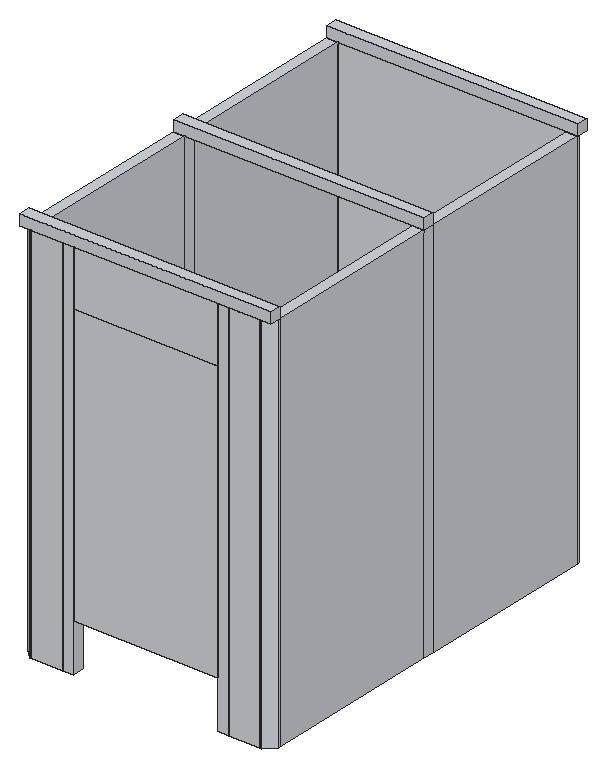
Revit family "MLDR", category Specialty Equipment, Revit 2016
Family settings
  Part Type = Normal
  Round Connector Dimension = Use Diameter
  Work Plane-Based = No
  Always vertical = Yes
  Cut with Voids When Loaded = No
  Shared = No
  Room Calculation Point = No
Parameters
  Tall Version 108 [instance] = no
  Short Version 96 [instance] = not(Tall Version 108)  # yes
  Flip Door Swing [instance] = no
Reference planes (in)
  plane 1 "Center (Front/Back)": y = 0
  plane 2: z = 0
  plane 3 "Center (Left/Right)": x = 0
  plane 4: y = 48
  plane 5: z = 96
  plane 6: x = -60
  plane 7: y = 96
Dimensions and locks (in)
  plane 5 to plane 2 = 8' - 0"
  plane 1 "Center (Front/Back)" to plane 4 to plane 7 = 4' - 0", 4' - 0"
  aligned and locked: level to plane 2
  aligned and locked: nested 1 to nested 2
  aligned and locked: nested 1 to plane 3 "Center (Left/Right)"
  aligned and locked: nested 2 to nested 1
  aligned and locked: nested 2 to plane 4
  aligned and locked: level to nested 1
  aligned and locked: plane 2 to nested 2
  aligned and locked: nested 3 to nested 4
  aligned and locked: nested 4 to nested 3
  aligned and locked: level to nested 3
  aligned and locked: nested 4 to plane 4
  aligned and locked: nested 3 to plane 1 "Center (Front/Back)"
  aligned and locked: nested 3 to plane 6
  aligned and locked: nested 1 to plane 1 "Center (Front/Back)"
  aligned and locked: level to nested 5
  aligned and locked: nested 5 to plane 4
  aligned and locked: level to nested 6
  aligned and locked: plane 7 to nested 5
  aligned and locked: nested 6 to plane 4
  aligned and locked: nested 6 to plane 6
  aligned and locked: plane 6 to nested 7
  aligned and locked: nested 7 to plane 7
  aligned and locked: plane 3 "Center (Left/Right)" to nested 7
  aligned and locked: nested 12 to plane 6
  aligned and locked: nested 12 to plane 1 "Center (Front/Back)"
  aligned and locked: plane 7 to nested 9
  aligned and locked: nested 12 to nested 9
  aligned and locked: plane 1 "Center (Front/Back)" to nested 8
  aligned and locked: nested 12 to nested 8
  aligned and locked: nested 10 to plane 6
  aligned and locked: plane 7 to nested 10
  aligned and locked: nested 11 to plane 6
  aligned and locked: nested 11 to plane 1 "Center (Front/Back)"
  aligned and locked: nested 13 to plane 4
  aligned and locked: plane 6 to nested 13
  aligned and locked: plane 3 "Center (Left/Right)" to nested 13
  aligned and locked: plane 6 to nested 14
  aligned and locked: plane 3 "Center (Left/Right)" to nested 14
  aligned and locked: plane 7 to nested 14
  aligned and locked: plane 3 "Center (Left/Right)" to nested 15
  aligned and locked: plane 6 to nested 15
  aligned and locked: nested 15 to plane 1 "Center (Front/Back)"
Nested families (in)
  nested 1: "FRV2P Panels" at (0, 0, 0) x (0, -1, 0) z (0, 0, 1), type "FRV2P Panels"
    with Panel Width 4' - 0", Panel Height 8' - 0"
  nested 2: "FRV2U Posts" at (0, 48, 0) x (0, -1, 0) z (0, 0, 1), type "FRV2U Posts"
    with Post Height 8' - 0"
  nested 3: "FRV2P Panels" at (-60, 0, 0) x (0, -1, 0) z (0, 0, 1), type "FRV2P Panels"
    with Panel Width 4' - 0", Panel Height 8' - 0"
  nested 4: "FRV2U Posts" at (-60, 48, 0) x (0, -1, 0) z (0, 0, 1), type "FRV2U Posts"
    with Post Height 8' - 0"
  nested 5: "FRV2P Panels" at (0, 48, 0) x (0, -1, 0) z (0, 0, 1), type "FRV2P Panels"
    with Panel Width 4' - 0", Panel Height 8' - 0"
  nested 6: "FRV2P Panels" at (-60, 48, 0) x (0, -1, 0) z (0, 0, 1), type "FRV2P Panels"
    with Panel Width 4' - 0", Panel Height 8' - 0"
  nested 7: "FRV2P Panels" at (0, 96, 0), type "FRV2P Panels"
    with Panel Width 5' - 0", Panel Height 8' - 0"
  nested 8: "DROCF Beveled Corner" at (0, 0, 0), type "DROCF Beveled Corner"
    with Post Height 8' - 0"
  nested 9: "DROCF Beveled Corner" at (0, 96, 0) x (0, 1, 0) z (0, 0, 1), type "DROCF Beveled Corner"
    with Post Height 8' - 0"
  nested 10: "DROCF Beveled Corner" at (-60, 96, 0) x (-1, 0, 0) z (0, 0, 1), type "DROCF Beveled Corner"
    with Post Height 8' - 0"
  nested 11: "DROCF Beveled Corner" at (-60, 0, 0) x (0, -1, 0) z (0, 0, 1), type "DROCF Beveled Corner"
    with Post Height 8' - 0"
  nested 12: "DRDP-60 Door" at (0, 0, 0), type "DRDP-60 Door"
    with Upper Panel 1' - 2", System Height 8' - 0", Right Hinge no, Left Hinge yes
  nested 13: "Panel Siffener" at (0, 48, 0) x (0, 1, 0) z (0, 0, 1), type "Panel Siffener"
    with Tube Height 8' - 2 3/4", System Height 8' - 0", Nominal Width 5' - 0"
  nested 14: "Panel Siffener" at (0, 96, 0) x (0, 1, 0) z (0, 0, 1), type "Panel Siffener"
    with Tube Height 8' - 2 3/4", System Height 8' - 0", Nominal Width 5' - 0"
  nested 15: "Panel Siffener" at (0, 0, 0) x (0, 1, 0) z (0, 0, 1), type "Panel Siffener"
    with Tube Height 8' - 2 3/4", System Height 8' - 0", Nominal Width 5' - 0"
Definition of nested family "FRV2P Panels"
  Parameters (values of type "FRV2P Panels")
    Panel Width [instance] = 4' - 0"
    Panel Height [instance] = 8' - 0"
  Reference planes (in)
    plane 1 "Center (Front/Back)": y = 0
    plane 2: z = 0
    plane 3 "Center (Left/Right)": x = 0
    plane 4: x = -48
    plane 5: z = 96
  Forms (in)
    Extrusion 1, solid
      sketch origin (4.89012, 0, 0) x (1, 0, 0) y (0, 1, 0)
        loop
          line (-6.26512, 1.375) -> (-51.51512, 1.375) -> (-51.51512, -1.375) -> (-6.26512, -1.375) -> (-6.26512, 1.375)
      from 0 to 96
  Dimensions and locks (in)
    locked: Extrusion 1 sketch curve to Extrusion 1 sketch curve at 2.75
    plane 1 "Center (Front/Back)" to Extrusion 1 sketch curve = 0' - 1 3/8"
    Extrusion 1 to Extrusion 1 = 3' - 9 1/4"
    "Panel Width": plane 4 to plane 3 "Center (Left/Right)"
    plane 4 to Extrusion 1 = 0' - 1 3/8"
    locked: plane 4 to Extrusion 1 sketch curve at 1.375
    locked: Extrusion 1 sketch curve to plane 3 "Center (Left/Right)" at 1.375
    "Panel Height": plane 5 to plane 2
    aligned and locked: level to plane 2
    aligned and locked: Extrusion 1 to plane 5
Definition of nested family "FRV2U Posts"
  Parameters (values of type "FRV2U Posts")
    Post Height [instance] = 8' - 0"
  Reference planes (in)
    plane 1 "Center (Front/Back)": y = 0
    plane 2: z = 0
    plane 3 "Center (Left/Right)": x = 0
    plane 4: z = 96
  Forms (in)
    Extrusion 1, solid
      sketch origin (0, 0, 0) x (1, 0, 0) y (0, 1, 0)
        loop
          line (-1.375, 1.375) -> (-1.375, -1.375) -> (1.375, -1.375) -> (1.375, 1.375) -> (-1.375, 1.375)
      from 0 to 96
  Dimensions and locks (in)
    locked: Extrusion 1 to Extrusion 1 at 2.75  (x2)
    "Post Height": plane 4 to plane 2
    aligned and locked: level to plane 2
    aligned and locked: Extrusion 1 to plane 4
  Automatic sketch dimensions
    Extrusion 1 sketch curve to plane 3 "Center (Left/Right)" = 0' - 1 3/8"
    plane 3 "Center (Left/Right)" to Extrusion 1 sketch curve = 0' - 1 3/8"
    plane 1 "Center (Front/Back)" to Extrusion 1 sketch curve = 0' - 1 3/8"
    Extrusion 1 sketch curve to plane 1 "Center (Front/Back)" = 0' - 1 3/8"
Definition of nested family "DROCF Beveled Corner"
  Parameters (values of type "DROCF Beveled Corner")
    Post Height [instance] = 8' - 0"
  Reference planes (in)
    plane 1 "Center (Front/Back)": y = 0
    plane 2: z = 0
    plane 3 "Center (Left/Right)": x = 0
    plane 4: z = 96
  Forms (in)
    Extrusion 1, solid
      sketch origin (0, 0, 0) x (1, 0, 0) y (0, 1, 0)
        loop
          line (-1.375, 1.375) -> (-1.375, -1.375) -> (-0.95659, -1.375) -> (1.375, 0.95659) -> (1.375, 1.375) -> (-1.375, 1.375)
      from 0 to 96
  Dimensions and locks (in)
    locked: Extrusion 1 to Extrusion 1 at 2.75  (x2)
    "Post Height": plane 4 to plane 2
    aligned and locked: level to plane 2
    aligned and locked: Extrusion 1 to plane 4
  Automatic sketch dimensions
    plane 3 "Center (Left/Right)" to Extrusion 1 sketch curve = 0' - 1 3/8"
    plane 1 "Center (Front/Back)" to Extrusion 1 sketch curve = 0' - 1 3/8"
    Extrusion 1 sketch curve to plane 1 "Center (Front/Back)" = 0' - 1 3/8"
    Extrusion 1 sketch curve to Extrusion 1 sketch curve = 0' - 0.41841"  (x2)
    Extrusion 1 sketch curve to plane 3 "Center (Left/Right)" = 0' - 0.95659"
Definition of nested family "DRDP-60 Door"
  Parameters (values of type "DRDP-60 Door")
    System Height [instance] = 8' - 0"
    Upper Panel [instance] = System Height - 6' 10"  # 1' - 2"
    Right Hinge [instance] = no
    Left Hinge [instance] = not(Right Hinge)  # yes
  Reference planes (in)
    plane 1 "Center (Front/Back)": y = 0
    plane 2: z = 0
    plane 3 "Center (Left/Right)": x = 0
    plane 4: x = -60
    plane 5: z = 96
  Lines and regions (in)
    model lines, visible <- "Left Hinge"
      curve 1: line (-48, -1.375, 0) -> (-48, -37.375, 0)
      curve 2: arc (-48, -37.375, 0) -> (-22.54416, -26.83084, 0) -> (-12, -1.375, 0) r 36
    model lines, visible <- "Right Hinge"
      curve 3: line (-12, -1.375, 0) -> (-12, -37.375, 0)
      curve 4: arc (-12, -37.375, 0) -> (-37.45584, -26.83084, 0) -> (-48, -1.375, 0) r 36
  Dimensions and locks (in)
    nested 2 to plane 3 "Center (Left/Right)" = 0' - 10 5/8"
    nested 3 to nested 3 = 3' - 0"
    nested 4 to nested 3 = 3' - 2 3/4"
    nested 3 to plane 2 = 6' - 10"
    locked: nested 3 to plane 2 at 12
    "System Height": plane 5 to plane 2
    plane 4 to plane 3 "Center (Left/Right)" = 5' - 0"  (x2)
    plane 4 to nested 5 = 0' - 10 5/8"
    nested 5 to nested 3 = 3' - 2 3/4"
    aligned and locked: level to plane 2
    aligned and locked: nested 2 to nested 1
    aligned and locked: plane 4 to nested 5
    aligned and locked: nested 6 to nested 3
    aligned and locked: nested 2 to nested 3
    aligned and locked: nested 5 to nested 4
    aligned and locked: nested 3 to nested 4
    aligned and locked: nested 2 to nested 6
    aligned and locked: nested 5 to nested 6
  Automatic sketch dimensions
    plane 4 to curve 1 = 1' - 0"
    curve 3 to plane 3 "Center (Left/Right)" = 1' - 0"
    plane 1 "Center (Front/Back)" to curve 1 = 3' - 1 3/8"
    curve 1 to curve 3 = 0' - 0"
    plane 1 "Center (Front/Back)" to curve 2 = 0' - 1 3/8"
    curve 4 to curve 2 = 0' - 0"
    curve 3 to curve 4 = 0' - 0"
    curve 1 to curve 2 = 0' - 0"
  Nested families (in)
    nested 1: "FRV2P Panels" at (0, 0, 0), Panel Height <- "System Height", type "FRV2P Panels"
      with Panel Width 0' - 10 5/8", Panel Height 8' - 0"
    nested 2: "FRV2U Posts" at (-10.625, 0, 0), Post Height <- "System Height", type "FRV2U Posts"
      with Post Height 8' - 0"
    nested 3: "FRV2P Panels" at (-10.625, 0, 12), type "FRV2P Panels"
      with Panel Width 3' - 2 3/4", Panel Height 5' - 10"
    nested 4: "FRV2U Posts" at (-49.375, 0, 0), Post Height <- "System Height", type "FRV2U Posts"
      with Post Height 8' - 0"
    nested 5: "FRV2P Panels" at (-49.375, 0, 0), Panel Height <- "System Height", type "FRV2P Panels"
      with Panel Width 0' - 10 5/8", Panel Height 8' - 0"
    nested 6: "FRV2P Panels" at (-10.625, 0, 82), Panel Height <- "Upper Panel", type "FRV2P Panels"
      with Panel Width 3' - 2 3/4", Panel Height 1' - 2"
  Definition of nested family "FRV2P Panels"
    Parameters (values of type "FRV2P Panels")
      Panel Width [instance] = 4' - 0"
      Panel Height [instance] = 8' - 0"
    Reference planes (in)
      plane 1 "Center (Front/Back)": y = 0
      plane 2: z = 0
      plane 3 "Center (Left/Right)": x = 0
      plane 4: x = -48
      plane 5: z = 96
    Forms (in)
      Extrusion 1, solid
        sketch origin (4.89012, 0, 0) x (1, 0, 0) y (0, 1, 0)
          loop
            line (-6.26512, 1.375) -> (-51.51512, 1.375) -> (-51.51512, -1.375) -> (-6.26512, -1.375) -> (-6.26512, 1.375)
        from 0 to 96
    Dimensions and locks (in)
      locked: Extrusion 1 sketch curve to Extrusion 1 sketch curve at 2.75
      plane 1 "Center (Front/Back)" to Extrusion 1 sketch curve = 0' - 1 3/8"
      Extrusion 1 to Extrusion 1 = 3' - 9 1/4"
      "Panel Width": plane 4 to plane 3 "Center (Left/Right)"
      plane 4 to Extrusion 1 = 0' - 1 3/8"
      locked: plane 4 to Extrusion 1 sketch curve at 1.375
      locked: Extrusion 1 sketch curve to plane 3 "Center (Left/Right)" at 1.375
      "Panel Height": plane 5 to plane 2
      aligned and locked: level to plane 2
      aligned and locked: Extrusion 1 to plane 5
  Definition of nested family "FRV2U Posts"
    Parameters (values of type "FRV2U Posts")
      Post Height [instance] = 8' - 0"
    Reference planes (in)
      plane 1 "Center (Front/Back)": y = 0
      plane 2: z = 0
      plane 3 "Center (Left/Right)": x = 0
      plane 4: z = 96
    Forms (in)
      Extrusion 1, solid
        sketch origin (0, 0, 0) x (1, 0, 0) y (0, 1, 0)
          loop
            line (-1.375, 1.375) -> (-1.375, -1.375) -> (1.375, -1.375) -> (1.375, 1.375) -> (-1.375, 1.375)
        from 0 to 96
    Dimensions and locks (in)
      locked: Extrusion 1 to Extrusion 1 at 2.75  (x2)
      "Post Height": plane 4 to plane 2
      aligned and locked: level to plane 2
      aligned and locked: Extrusion 1 to plane 4
    Automatic sketch dimensions
      Extrusion 1 sketch curve to plane 3 "Center (Left/Right)" = 0' - 1 3/8"
      plane 3 "Center (Left/Right)" to Extrusion 1 sketch curve = 0' - 1 3/8"
      plane 1 "Center (Front/Back)" to Extrusion 1 sketch curve = 0' - 1 3/8"
      Extrusion 1 sketch curve to plane 1 "Center (Front/Back)" = 0' - 1 3/8"
Definition of nested family "Panel Siffener"
  Parameters (values of type "Panel Siffener")
    Tube Height [instance] = System Height + 0' 2 3/4"  # 4' - 2 3/4"
    System Height [instance] = 4' - 0"
    Nominal Width [instance] = 5' - 0"
  Reference planes (in)
    plane 1 "Center (Front/Back)": y = 0
    plane 2: z = 0
    plane 3 "Center (Left/Right)": x = 0
    plane 4: y = 60
  Forms (in)
    Extrusion 1, solid
      sketch origin (0, 0, 0) x (1, 0, 0) y (0, 1, 0)
        loop
          line (-1.375, 61.375) -> (-1.375, -1.375) -> (1.375, -1.375) -> (1.375, 61.375) -> (-1.375, 61.375)
      from 48 <- "System Height" to 50.75 <- "Tube Height"
  Dimensions and locks (in)
    "Nominal Width": plane 1 "Center (Front/Back)" to plane 4
    locked: plane 4 to Extrusion 1 sketch curve at 1.375
    Extrusion 1 sketch curve to Extrusion 1 sketch curve = 0' - 2 3/4"
    locked: Extrusion 1 sketch curve to plane 1 "Center (Front/Back)" at 1.375
    locked: Extrusion 1 sketch curve to Extrusion 1 sketch curve at 2.75
    aligned and locked: level to plane 2
  Automatic sketch dimensions
    Extrusion 1 sketch curve to plane 3 "Center (Left/Right)" = 0' - 1 3/8"
